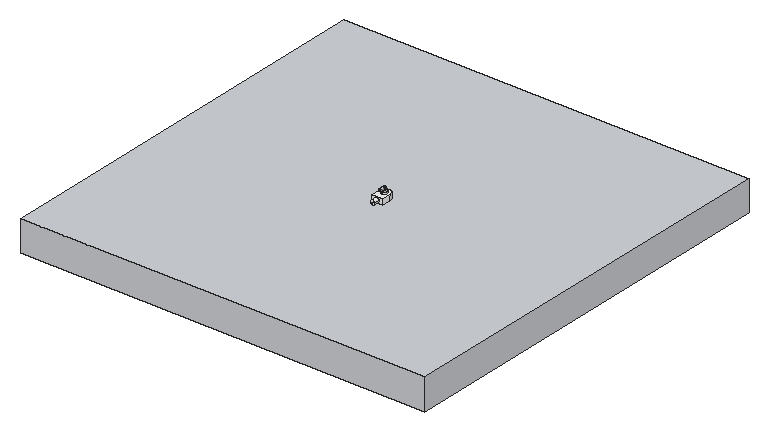
Revit family "HL_Стиральная устройство_HL410", category Instalační zařizovací předměty, Revit 2016
Family settings
  Hostitel = Plocha
  Typ součásti = Normální
  Kóta kulaté spojky = Použít průměr
  Číslo OmniClass = 23.70.50.21.37
  Nadpis OmniClass = Valves for Removal Systems
  Ořezat dutým tvarem při načtení = Ne
  Sdílené = Ne
  Bod výpočtu místnosti = Ne
Parameters (values of type "HL410")
  РАЗМЕР = "DN40"
  ПРОПУСКНАЯ СПОСОБНОСТЬ [instance] = 0 L/s
  ПРОИЗВОДИТЕЛЬНОСТЬ = "0,38 l/s"
  ПРАВОВАЯ ИНФОРМАЦИЯ = "Авторские права(©), права на дизайн или какие либо другие права интелектуальной собственности являются исключительной собственностью компании HL Hutterer & Lechner. Изменению не подлежит. Файл семейства с данными о прозводителе изделия защищен паролем с водяным знаком."  # constant formula
  НОМИНАЛЬНЫЙ ДИАМЕТР [instance] = 40 mm
  МАТЕРИАЛ = "PE"
  ВЫСОТА МОНТАЖА = "54 mm"
  ВЕС = "0,44 [kg]"
  Výrobce = "HL Hutterer & Lechner GmbH"  # constant formula
  URL = "http://www.hutterer-lechner.com/ru/Products/catalog/washing-devices/products/HL410.aspx"
  Výchozí výška = 600 mm
  Popis = "Стиральная устройство"
  Model = "HL410"
  Type Comments = "Сифон для стиральной или посудомоечной машины DN40 для \nнастенного монтажа с соединительным коленом 3/4\" HL19 и декоративной белой плитой "
  Keynote = "HL410"
  EAN = "9003076504107"
  C [instance] = if(НОМИНАЛЬНЫЙ ДИАМЕТР = 40 mm, 50 mm, 0 mm)  # 50 mm
Types (2, lengths in mm): name | URL | Popis
  (no name) | "http://www.hutterer-lechner.com/en/Products/catalog/washing-devices/attachments/HL410.aspx" | "Washing devices"
  HL410 | "http://www.hutterer-lechner.com/ru/Products/catalog/washing-devices/products/HL410.aspx" | "Стиральная устройство"
Values of the unnamed type that differ from the named types
  Type Comments = "Washing device trap DN40 with appliance hose connector 3/4' HL19 and white cover"
Reference planes
  plane 1 "Center (Front/Back)": y = 0.685
  plane 2: z = 0
  plane 3 "Center (Left/Right)": x = 0
  plane 4 "PP": z = 27.857
Forms (mm)
  Extrusion 1, solid
    sketch origin (0, 0, 0) x (1, 0, 0) y (0, 1, 0)
      loop
        line (-2000, 2000) -> (-2000, -2000) -> (2000, -2000) -> (2000, 2000) -> (-2000, 2000)
    from 0 to -304.8
  Extrusion 2, solid, material "Plactic - White", detail levels fine
    sketch origin (0, 0, 0) x (1, 0, 0) y (0, 1, 0)
      loop
        line (55, -90.329) -> (54.999, 0.001)
        spline (54.999, 0.001) -> (53.125, 14.944) -> (47.63, 28.869) -> (38.889, 40.826) -> (27.498, 50.002) -> (14.233, 55.769) -> (-0.002, 57.736) -> (-14.237, 55.769) -> (-27.502, 50.001) -> (-38.892, 40.825) -> (-47.633, 28.867) -> (-53.127, 14.942) -> (-55.001, -0.001)
        line (-55.001, -0.001) -> (-55, -90.329) -> (55, -90.329)
    from 0 to 54.001
  Revolve 3, solid, material "Plactic - White", detail levels fine
    sketch origin (-20, -4572, 27.857) x (-1, 0, 0) y (0, -1, 0)
      loop
        line (-40, -4481.671) -> (-20, -4481.671) -> (-20, -4431.671) -> (-40, -4431.671) -> (-40, -4481.671)
      axis (-20, -4481.671) -> (-20, -4431.671)
    angle from 0 to 360
  Revolve 4, solid, material "Plactic - White", detail levels fine
    sketch origin (0, 0.685, 20.001) x (0, 0, -1) y (0, 1, 0)
      loop
        line (-52, 0) -> (-52, -15.004) -> (-42, -15.004) -> (-42, -24.074) -> (-34, -24.074) -> (-34, 0) -> (-52, 0)
      axis (-52, 0) -> (-34, 0)
    angle from 0 to 360
Lines and regions (mm)
  model lines, detail levels coarse+medium
    curve 1: line (0, -140.329, 27.857) -> (0, 0.685, 27.857)
    curve 2: line (0, 0.685, 27.857) -> (0, 0.685, 94.101)
    curve 3: line (0, 0.685, 94.101) -> (0, -56.615, 94.101)
  symbolic lines, detail levels coarse+medium
    curve 4: line (0, 0.685, 0) -> (0, 0.685, 140)
    curve 5: line (-40, 0.685, 100) -> (40, 0.685, 100)
  model lines, style "Logo", detail levels fine
    curve 6: line (-48.638, -76.852, 54.001) -> (-48.638, -83.852, 54.001)
    curve 7: line (-48.638, -80.352, 54.001) -> (-44.204, -80.352, 54.001)
    curve 8: line (-44.204, -76.852, 54.001) -> (-44.204, -83.852, 54.001)
    curve 9: line (-41.811, -76.852, 54.001) -> (-41.811, -83.852, 54.001)
    curve 10: line (-41.811, -83.852, 54.001) -> (-37.708, -83.852, 54.001)
Dimensions and locks
  locked: plane 4 "PP" to Extrusion 1 at 27.857
  "C": Revolve 3 sketch curve to Revolve 3 sketch curve
  aligned and locked: Extrusion 1 to plane 2
  aligned and locked: Extrusion 1 to level
Automatic sketch dimensions
  Extrusion 1 sketch curve to Extrusion 1 sketch curve = 4000 mm  (x2)
  plane 1 "Center (Front/Back)" to Extrusion 2 sketch curve = 0.686 mm
  Extrusion 2 sketch curve to plane 3 "Center (Left/Right)" = 55.001 mm
  Extrusion 2 sketch curve to plane 3 "Center (Left/Right)" = 55 mm
  plane 1 "Center (Front/Back)" to Extrusion 2 sketch curve = 0.684 mm
  plane 3 "Center (Left/Right)" to Extrusion 2 sketch curve = 54.999 mm
  plane 3 "Center (Left/Right)" to Extrusion 2 sketch curve = 55 mm
  Extrusion 2 sketch curve to Extrusion 2 sketch curve = 90.328 mm
  Extrusion 2 sketch curve to Extrusion 2 sketch curve = 0.001 mm
  curve 1 to plane 4 "PP" = 0 mm
  curve 2 to plane 1 "Center (Front/Back)" = 0 mm
  plane 1 "Center (Front/Back)" to curve 3 = 57.3 mm
  curve 1 to curve 3 = 83.714 mm
  plane 4 "PP" to curve 3 = 66.244 mm
  plane 4 "PP" to Revolve 4 sketch curve = 44.144 mm
  level to Revolve 4 sketch curve = 62.001 mm
  Revolve 4 sketch curve to plane 1 "Center (Front/Back)" = 0 mm  (x2)
  level to Revolve 4 sketch curve = 54.001 mm
  Revolve 4 sketch curve to Revolve 4 sketch curve = 15.004 mm
  Revolve 4 sketch curve to Revolve 4 sketch curve = 9.069 mm
  plane 4 "PP" to Revolve 4 sketch curve = 56.382 mm
  level to Revolve 4 sketch curve = 49.601 mm
  curve 6 to Extrusion 2 = 6.361 mm
  curve 8 to Extrusion 2 = 6.477 mm
  curve 7 to curve 7 = 4.434 mm
  curve 8 to curve 9 = 2.393 mm
  curve 9 to curve 10 = 4.103 mm
  curve 6 to curve 8 = 0 mm
  curve 8 to curve 10 = 0 mm
  curve 8 to curve 7 = 3.5 mm
  curve 7 to curve 9 = 3.5 mm
  curve 7 to curve 6 = 3.5 mm
  curve 8 to curve 9 = 0 mm
  curve 4 to plane 3 "Center (Left/Right)" = 0 mm
  curve 4 to level = 0 mm
  curve 5 to plane 3 "Center (Left/Right)" = 40 mm
  plane 3 "Center (Left/Right)" to curve 5 = 40 mm
  curve 5 to curve 4 = 40 mm
  plane 4 "PP" to curve 5 = 72.143 mm
  Revolve 3 sketch curve to plane 3 "Center (Left/Right)" = 0 mm  (x2)
  Revolve 3 sketch curve to Revolve 3 sketch curve = 20 mm
  plane 1 "Center (Front/Back)" to Revolve 3 sketch curve = 91.014 mm
  Revolve 3 sketch curve to plane 1 "Center (Front/Back)" = 2099.315 mm
  Revolve 3 sketch curve to Revolve 3 sketch curve = 1959.671 mm
Nested families
  nested 1: "HL_Соединительное колено_HL19" at (0, 0.685, 72.001), type "HL19_Main Component", detail levels fine
Connectors
  piping at (0, -140.329, 27.857), diameter 40, driven by "НОМИНАЛЬНЫЙ ДИАМЕТР", driven by "ПРОПУСКНАЯ СПОСОБНОСТЬ"
    settings: on Revolve 3, index 1, connector inside diameter 609.6 mm, connector length 0 mm, flow factor 0, pipe flow 0 L/s, pressure drop 0.00 Pa, fitting loss kfactor 0, connector angle 0.00°, fixture units 0, engagement length 0 mm, angle of deflection 0.00°, flow configuration 1, flow direction 2, fitting loss method 0, system type 16, joint type 0, gender type 0, connector reference index -1, connector utility 0, adjustable connector yes, is connector primary yes, connector description ""
Definition of nested family "HL_Соединительное колено_HL19"
  Parameters (values of type "HL19")
    РАЗМЕР = "1\" x 3/4\""
    ПРОПУСКНАЯ СПОСОБНОСТЬ = 0 L/s
    ПРАВОВАЯ ИНФОРМАЦИЯ = "Авторские права(©), права на дизайн или какие либо другие права интелектуальной собственности являются исключительной собственностью компании HL Hutterer & Lechner. Изменению не подлежит. Файл семейства с данными о прозводителе изделия защищен паролем с водяным знаком."  # constant formula
    НОМИНАЛЬНЫЙ ДИАМЕТР = 25 mm
    МАТЕРИАЛ = "PP"
    ВЕС = "0,02 [kg]"
    Manufacturer = "HL Hutterer & Lechner GmbH"  # constant formula
    URL = "http://www.hutterer-lechner.com/ru/Products/catalog/washing-devices/products/HL19.aspx"
    Description = "Стиральная устройство"
    Model = "HL19"
    Type Comments = "Соединительное колено для стиральной или посудомоечной машины 1\" х подсоединение шланга 3/4\" (d 17 - 23 мм) "
    Keynote = "HL19"
    EAN = "9003076100194"
  Values of the unnamed type that differ from the named types
    URL = "http://www.hutterer-lechner.com/en/Products/catalog/washing-devices/attachments/HL19.aspx"
    Description = "Washing devices"
    Type Comments = "Appliance hose connector 1' x 3/4' with O-ring"
  Reference planes
    plane 1 "Center (Front/Back)": y = 0
    plane 2: z = 0
    plane 3 "Center (Left/Right)": x = 0
  Forms (mm)
    Revolve 1, solid
      sketch origin (0, 0, -53.5) x (0, 0, -1) y (0, 1, 0)
        loop
          line (-95.35, -23.5) -> (-92.114, -57.3) -> (-83.6, -57.3) -> (-83.6, -23.5) -> (-95.35, -23.5)
        axis (-83.6, -23.5) -> (-83.6, -57.3)
      angle from 0 to 360
    Revolve 2, solid
      sketch origin (0, 0, -53.5) x (0, 0, -1) y (0, 1, 0)
        loop
          line (-61, -18.4) -> (-46, -18.4) -> (-46, -20.15) -> (-43.5, -20.15) -> (-43.5, 0) -> (-61, 0) -> (-61, -18.4)
        axis (-61, 0) -> (-43.5, 0)
      angle from 0 to 360
    Sweep 3, solid
      path origin (0, 0, -10) x (0, 1, 0) y (0, 0, 1)
        loop
          line (-23.5, 40.1) -> (-9.5, 40.1)
          arc (-9.5, 40.1) -> (-2.782, 37.318) -> (0, 30.6) r 9.5
          line (0, 30.6) -> (0, 17.5)
      profile origin (0, -16.5, 30.1) x (0, 0, 1) y (1, 0, 0)
        loop
          circle (0, 0) r 9.4
  Dimensions and locks
    aligned and locked: level to plane 2
